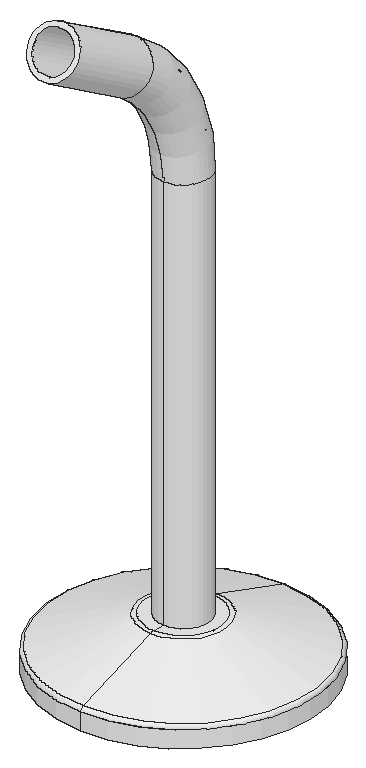
Revit family "Shower_Arm-GROHE-Relexa-27412_Series", category Plumbing Fixtures, host Face, Revit 2019
Family settings
  Host = Face
  Round Connector Dimension = Use Diameter
  Part Type = Normal
  OmniClass Number = 23.45.05.14.17
  OmniClass Title = Showers
  Cut with Voids When Loaded = No
  Shared = Yes
  Room Calculation Point = No
Parameters (values of type "27412000")
  Width = 1 5/8"  # constant formula
  Waste Connection = no
  WFU = 4  # constant formula
  Vent Connection = no
  URL = "https://www.grohe.us"
  Type Comments = ""
  Tempered Water Connection = yes
  Tempered Connection Radius = Tempered Connection Diameter / 2  # 1/4"
  Tempered Connection Diameter = 1/2"  # constant formula
  Revised Date = "06/22/2023"  # constant formula
  Product Page URL = "https://www.grohe.us/Hand-Showers-Accessories/6-1%E2%81%844-Inch-Shower-Arm/GROHE-CHROME-27412000"
  Product Documentation Link = "https://lixil.cdn.celum.cloud/19940_27412_0_Relexa_SpecSheet_original.pdf"
  Price = "Prices may vary. Please consult Manufacturer Representative for most up-to-date price list."  # constant formula
  Model = "27412000"
  Material = "Brass-Grohe-000-StarLight Chrome"
  Manufacturer = "Grohe"
  Length = 6 1/4"  # constant formula
  Installation Type = "Wall Mounted"
  IAPMO Compliance = "ASME A112.18.1/CSA B125.1"  # constant formula
  HWFU = 3  # constant formula
  HW Connection = no
  Finish = Brass-Grohe-000-StarLight Chrome
  Diameter = 2 9/16"  # constant formula
  Description = "Relexa"  # constant formula
  Default Elevation = 0"
  Creation Date = "03/10/2017"  # constant formula
  CWFU = 3  # constant formula
  CW Connection = no
  Assembly Code = "D2090800"
Types (6): name | Product Page URL | Model | Material | HW Connection | Finish | CW Connection
  (no name) | "https://www.grohe.us/Hand-Showers-Accessories/6-1%E2%81%844-Inch-Shower-Arm/GROHE-CHROME-27412000" | "27412000" | "Brass-Grohe-000-StarLight Chrome" | no | Brass-Grohe-000-StarLight Chrome | no
  27412000 | "https://www.grohe.us/Hand-Showers-Accessories/6-1%E2%81%844-Inch-Shower-Arm/GROHE-CHROME-27412000" | "27412000" | "Brass-Grohe-000-StarLight Chrome" | no | Brass-Grohe-000-StarLight Chrome | no
  27412EN0 | "https://www.grohe.us/Hand-Showers-Accessories/6-1%E2%81%844-Inch-Shower-Arm/GROHE-CHROME-27412EN0" | "27412EN0" | "Brass-Grohe-EN0-Brushed Nickel Infinity Finish" | yes | Brass-Grohe-EN0-Brushed Nickel Infinity Finish | yes
  27412GN0 | "https://www.grohe.us/Hand-Showers-Accessories/6-1%E2%81%844-Inch-Shower-Arm/GROHE-CHROME-27412GN0" | "27412GN0" | "Brass-Grohe-GN0-Brushed Cool Sunrise" | yes | Brass-Grohe-GN0-Brushed Cool Sunrise | yes
  27412A00 | "https://www.grohe.us/Hand-Showers-Accessories/6-1%E2%81%844-Inch-Shower-Arm/GROHE-CHROME-27412A00" | "27412A00" | "Brass-Grohe-A00-Hard Graphite" | yes | Brass-Grohe-A00-Hard Graphite | yes
  27412BE0 | "https://www.grohe.us/Hand-Showers-Accessories/6-1%E2%81%844-Inch-Shower-Arm/GROHE-CHROME-27412BE0" | "27412BE0" | "Brass-Grohe-BE0-Polished Nickel Infinity Finish" | yes | Brass-Grohe-BE0-Polished Nickel Infinity Finish | yes
Reference planes (in)
  plane 1 "Center (Front/Back)": y = 0
  plane 2: z = 0
  plane 3 "Center (Left/Right)": x = 0
  plane 4: z = 6.25
  plane 5: y = -1.625
  plane 6: x = -1.375
  plane 7: x = 1.375
  plane 8: y = 1.28125
  plane 9: through (0, -1.51675, 6.1875) normal (0, 0.5, 0.866)
  plane 10: y = -1.28125
  plane 11: z = 0.5
Forms (in)
  Revolve 1, solid, material "Brass-Grohe-000-StarLight Chrome" <- "Finish"
    sketch origin (0, 0, 0) x (0, 1, 0) y (0, 0, 1)
      loop
        line (0, 0.5) -> (0, 0) -> (1.28125, 0) -> (1.28125, 0.16912)
        arc (1.28125, 0.16912) -> (1.27313, 0.19412) -> (1.25186, 0.20957) r 0.04253
        line (1.25186, 0.20957) -> (0.40952, 0.49341)
        arc (0.40952, 0.49341) -> (0.38899, 0.49834) -> (0.36794, 0.5) r 0.13458
        line (0.36794, 0.5) -> (0, 0.5)
      axis (0, 0.5) -> (0, 0)
    angle from 0 to 360
  Sweep 2, solid, material "Brass-Grohe-000-StarLight Chrome" <- "Finish"
    path origin (0, 0, 0) x (0, 1, 0) y (0, 0, 1)
      loop
        line (-1.625, 6.25) -> (-0.71784, 5.72625)
        arc (-0.71784, 5.72625) -> (-0.19234, 5.20076) -> (0, 4.48292) r 1.43567
        line (0, 4.48292) -> (0, 0.1856)
    profile origin (0, 0, 2.33426) x (0, -1, 0) y (1, 0, 0)
      loop
        circle (0, 0) r 0.25
      loop
        circle (0, 0) r 0.20178
Cuts and joins
  joined: Revolve 1, Sweep 2
Lines and regions (in)
  Masking region 1
    outline origin (0, 0, 0) x (1, 0, 0) y (0, 0, 1)
      loop
        line (0.25101, 0.5) -> (0.25101, 6.27871)
        arc (0.25101, 6.27871) -> (-0.00386, 6.47714) -> (-0.25101, 6.26918) r 0.25669
        line (-0.25101, 6.26918) -> (-0.25101, 0.5) -> (-0.37235, 0.5)
        arc (-0.37235, 0.5) -> (-0.39156, 0.49849) -> (-0.4103, 0.49399) r 0.12279
        line (-0.4103, 0.49399) -> (-1.28323, 0.21036)
        arc (-1.28323, 0.21036) -> (-1.30441, 0.19497) -> (-1.3125, 0.17007) r 0.04236
        line (-1.3125, 0.17007) -> (-1.3125, 0) -> (1.3125, 0) -> (1.3125, 0.17007)
        arc (1.3125, 0.17007) -> (1.30441, 0.19497) -> (1.28323, 0.21036) r 0.04236
        line (1.28323, 0.21036) -> (0.4103, 0.49399)
        arc (0.4103, 0.49399) -> (0.39156, 0.49849) -> (0.37235, 0.5) r 0.12279
        line (0.37235, 0.5) -> (0.25101, 0.5)
  symbolic lines, style "PlumbingFixtures", detail levels medium+fine
    curve 1: line (0.25, 0, 0.5) -> (-0.25, 0, 0.5)
Dimensions and locks (in)
  "Width": plane 1 "Center (Front/Back)" to plane 5
  locked: plane 11 to level at 0.5
  "Diameter": plane 8 to plane 10
  equal spacing: plane 8, plane 1 "Center (Front/Back)", plane 10
  "Length": plane 4 to host face
  angle plane 4 to plane 9 = 30.00°
  aligned and locked: plane 2 to host face
  aligned and locked: level to host face
Automatic sketch dimensions
  host sketch curve to host sketch curve = 96"  (x2)
  Sweep 2 sketch curve to plane 4 = 0"
  Sweep 2 sketch curve to plane 5 = 0"
  Sweep 2 sketch curve to plane 9 = 0"
  Sweep 2 sketch curve to plane 1 "Center (Front/Back)" = 0"
  Sweep 2 sketch curve to plane 4 = 0.52375"
  level to Sweep 2 sketch curve = 0.1856"
  Sweep 2 sketch curve to plane 5 = 0.18933"
  curve 1 to plane 3 "Center (Left/Right)" = 1/4"
  plane 3 "Center (Left/Right)" to curve 1 = 1/4"
  Revolve 1 sketch curve to plane 1 "Center (Front/Back)" = 0"  (x2)
  Revolve 1 sketch curve to plane 11 = 0"
  Revolve 1 sketch curve to level = 0"
  Revolve 1 sketch curve to plane 8 = 0"
  Revolve 1 sketch curve to plane 11 = 0.13458"
  Revolve 1 sketch curve to plane 1 "Center (Front/Back)" = 0.36794"
  Revolve 1 sketch curve to plane 11 = 0.00659"
  Revolve 1 sketch curve to Revolve 1 sketch curve = 0.04253"
  plane 8 to Revolve 1 sketch curve = 0.02939"
  level to Revolve 1 sketch curve = 0.16912"
  Revolve 1 sketch curve to level = 1/4"
  Revolve 1 sketch curve to Revolve 1 sketch curve = 0.36022"
  plane 11 to curve 1 = 0"
  Masking region 1 sketch curve to level = 0"
  Masking region 1 sketch curve to plane 11 = 0"  (x2)
  plane 6 to Masking region 1 sketch curve = 1/16"
  Masking region 1 sketch curve to Masking region 1 sketch curve = 0.02927"
  Masking region 1 sketch curve to Masking region 1 sketch curve = 0.04236"
  Masking region 1 sketch curve to plane 11 = 0.00601"  (x2)
  Masking region 1 sketch curve to plane 3 "Center (Left/Right)" = 0.4103"
  Masking region 1 sketch curve to Masking region 1 sketch curve = 0.03794"  (x2)
  plane 4 to Masking region 1 sketch curve = 0.01918"
  Masking region 1 sketch curve to plane 3 "Center (Left/Right)" = 0.25101"
  plane 3 "Center (Left/Right)" to Masking region 1 sketch curve = 0.00101"
  plane 4 to Masking region 1 sketch curve = 0.02871"
  plane 3 "Center (Left/Right)" to Masking region 1 sketch curve = 0.25101"
  Masking region 1 sketch curve to Masking region 1 sketch curve = 0.12134"
  plane 7 to Masking region 1 sketch curve = 0.10486"
  Masking region 1 sketch curve to Masking region 1 sketch curve = 0.01309"
  plane 7 to Masking region 1 sketch curve = 1/16"
  level to Masking region 1 sketch curve = 0.17007"  (x2)
  Sweep 2 sketch curve to Sweep 2 sketch curve = 0"  (x2)
  Sweep 2 sketch curve to plane 3 "Center (Left/Right)" = 0"
  Sweep 2 sketch curve to profile plane = 0"
  radius of Sweep 2 sketch curve = 1/4"
  radius of Sweep 2 sketch curve = 0.20178"
Connectors (in)
  piping at (0, 0, 0), diameter 0.5, driven by "Tempered Connection Diameter"
    settings: on cut or joined group of Revolve 1, Sweep 2, index 1, connector inside diameter 24", connector length 0", flow factor 0, pipe flow 0 GPM, pressure drop 0.00 psi, fitting loss kfactor 0, connector angle 0.00°, fixture units 0, engagement length 0", angle of deflection 0.00°, flow configuration 0, flow direction 1, fitting loss method 0, system type 29, joint type 0, gender type 0, connector reference index -1, connector utility 0, adjustable connector no, is connector primary yes, connector description "1/2\" NPT Inlet Connection"
